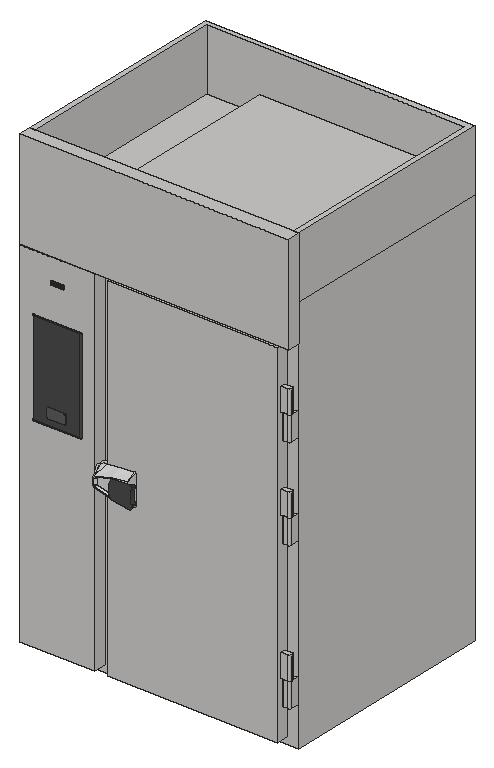
Revit family "QF_ZANUSSI_110554_ZBFA22DE", category Specialty Equipment, Revit 2018
Family settings
  Round Connector Dimension = Use Diameter
  Part Type = Normal
  Work Plane-Based = No
  Always vertical = Yes
  Cut with Voids When Loaded = No
  Shared = Yes
  Room Calculation Point = No
Parameters
  Weight = 0.00 kg
  Watts = 905.805 W
  Volts = 380 V
  URL Manufacturer = "http://www.zanussiprofessional.com"
  URL = "http://www.zanussiprofessional.com"
  Steam Supply Size = 0"
  Steam Supply Minimum Pressure = 0.00 psi
  Steam Supply Maximum Pressure = 0.00 psi
  Steam Pounds per Hour = 0
  Show Logo [instance] = yes
  Refrigeration Suction Line Size = 0"
  Refrigeration Liquid Line Size = 0"
  Refrigerant Compressor Remote = yes
  Phase = 3
  Model = "ZBFA22DE"
  Manufacturer = "Zanussi"
  Length Actual = 1400 mm  # constant formula
  Item Number = "110554"
  Hot Water Size = 1"
  Height Actual = 2470 mm  # constant formula
  HP = "13.1 HP"
  Gas Size = 0"
  Gas KW = 0
  Gas Input Pressure = 0.0 Btu/h
  Description = "RAPIDO BLAST CHILLER FREEZER 200/170KG 20 GN 2/1 - DISASSEMBLED"
  Depth Actual = 1266 mm  # constant formula
  Cycle = 50 Hz
  Condensate Return Size = 0"
  Compressed Air Volume = 0 GPM
  Compressed Air Size = 0"
  Compressed Air Pressure = 0.00 psi
  Cold Water Size = 1"
  Assembly Code = ""
  Show Clearance [instance] = yes
  Accessory = yes
Reference planes
  plane 1 "BACK": y = 1
  plane 2: z = 0
  plane 3 "LEFT": x = 0
  plane 4 "RIGHT": x = 1400
  plane 5 "FRONT": y = -1205
  plane 6 "TOP": z = 2400
  plane 7 "Center Y": x = 700
  plane 8: y = -2155
  plane 9: y = -602
Forms (mm)
  Extrusion 1, solid, material "QF_Clearance", visible <- "Show Clearance", detail levels coarse
    sketch origin (0, 0, -70) x (1, 0, 0) y (0, 1, 0)
      loop
        line (0, -1205) -> (0, 1) -> (1400, 1) -> (1400, -1205) -> (1500, -1205) -> (1500, 101) -> (-100, 101) -> (-100, -1205) -> (0, -1205)
    from 70 to 2670
  Extrusion 2, solid, material "QF_Finishes_Stainless Steel"
    sketch origin (349.253, 33, 630.991) x (-1, 0, 0) y (0, -1, 0)
      loop
        line (349.253, 1172.759) -> (349.253, 1238) -> (-39.747, 1238) -> (-39.747, 1172.759) -> (349.253, 1172.759)
    from -597 to 1254
  Extrusion 3, solid, material "QF_Finishes_Stainless Steel"
    sketch origin (596.16, 27.971, -70) x (1, 0, 0) y (0, 1, 0)
      loop
        line (743.84, -1172.971) -> (-141.16, -1172.971) -> (-141.16, -1232.971) -> (743.84, -1232.971) -> (743.84, -1172.971)
    from 103.991 to 1945.25
  Extrusion 4, solid, material "QF_Door-Drawer Clearances", visible <- "Show Clearance", detail levels coarse
    sketch origin (875, -72.029, -91.802) x (-1, 0, 0) y (0, -1, 0)
      loop
        line (-465, 2025.971) -> (-465, 1132.971) -> (420, 1132.971)
        arc (420, 1132.971) -> (153.836, 1754.227) -> (-465, 2025.971) r 920
    from 125.793 to 1967.052
  Extrusion 5, solid, material "QF_Finishes_Stainless Steel"
    sketch origin (0, -1139.759, 0) x (0, 1, 0) y (-1, 0, 0)
      loop
        line (1140.759, 0) -> (0.759, 0) -> (0.759, -1400) -> (1140.759, -1400) -> (1140.759, 0)
    from 0 to 2080
  Extrusion 6, solid, material "QF_Finishes_Stainless Steel"
    sketch origin (0, 0, -70) x (0, 1, 0) y (0, 0, 1)
      loop
        line (-1139, 2470) -> (-1205, 2470) -> (-1205, 1956) -> (-1139, 1956) -> (-1139, 2470)
    from 0 to 1400
  Extrusion 7, solid, material "QF_Finishes_Stainless Steel"
    sketch origin (0, -1139.759, 2080) x (0, 1, 0) y (-1, 0, 0)
      loop
        line (1140.759, 0) -> (0.759, 0) -> (0.759, -27.807) -> (1112.952, -27.807) -> (1112.952, -1372.193) -> (0.759, -1372.193) -> (0.759, -1400) -> (1140.759, -1400) -> (1140.759, 0)
    from 0 to 320
  Extrusion 8, solid, material "QF_Clearance", visible <- "Show Clearance", detail levels coarse
    sketch origin (0, 0, 2400) x (-1, 0, 0) y (0, -1, 0)
      loop
        line (0, 1205) -> (-1400, 1205) -> (-1400, -1) -> (0, -1) -> (0, 1205)
    from 0 to 200
  Extrusion 9, solid, material "QF_Finishes_Stainless Steel"
    sketch origin (-390.239, -0.977, 1172.559) x (1, 0, 0) y (0, 1, 0)
      loop
        line (1730.239, -1159.557) -> (1730.239, -1186.759) -> (1771.078, -1186.759)
        arc (1771.078, -1186.759) -> (1778.149, -1183.83) -> (1781.078, -1176.759) r 10
        line (1781.078, -1176.759) -> (1781.078, -1169.557)
        arc (1781.078, -1169.557) -> (1778.149, -1162.486) -> (1771.078, -1159.557) r 10
        line (1771.078, -1159.557) -> (1730.239, -1159.557)
    from 398 to 516
  Extrusion 10, solid, material "QF_Finishes_Stainless Steel"
    sketch origin (-388.989, -0.977, 1172.559) x (1, 0, 0) y (0, 1, 0)
      loop
        line (1779.828, -1138.023) -> (1738.215, -1138.023) -> (1738.215, -1176.759)
        arc (1738.215, -1176.759) -> (1741.143, -1183.83) -> (1748.215, -1186.759) r 10
        line (1748.215, -1186.759) -> (1769.828, -1186.759)
        arc (1769.828, -1186.759) -> (1776.899, -1183.83) -> (1779.828, -1176.759) r 10
        line (1779.828, -1176.759) -> (1779.828, -1138.023)
    from 269 to 396
  Extrusion 11, solid, material "QF_Finishes_Handrails and Railings"
    sketch origin (0, -1205, -139.705) x (-1, 0, 0) y (0, 0, 1)
      loop
        arc (-455, 1022.346) -> (-433.392, 1027.289) -> (-413, 1035.976) r 124.815
        arc (-413, 1035.976) -> (-402.037, 1046.425) -> (-398, 1061.023) r 28.412
        line (-398, 1061.023) -> (-398, 1124.287)
        arc (-398, 1124.287) -> (-402.037, 1138.885) -> (-413, 1149.334) r 28.412
        arc (-413, 1149.334) -> (-433.392, 1158.021) -> (-455, 1162.964) r 124.815
        line (-455, 1162.964) -> (-455, 1022.346)
    from 0 to 25
  Extrusion 12, solid, material "QF_Finishes_Stainless Steel"
    sketch origin (0, 1, -70) x (1, 0, 0) y (0, 0, 1)
      loop
        circle (50.191, 2279.706) r 10
    from -2 to 0
  Extrusion 13, solid
    sketch origin (0, 0, -70) x (1, 0, 0) y (0, 1, 0)
      loop
        circle (271, -895) r 12.7
    from 180 to 190
  Blend 14, solid, material "QF_Finishes_Handrails and Railings"
    base sketch origin (0, -1205, -139.705) x (1, 0, 0) y (0, 0, 1)
      loop
        arc (455, 1162.964) -> (433.392, 1158.021) -> (413, 1149.334) r 124.815
        arc (413, 1149.334) -> (402.037, 1138.885) -> (398, 1124.287) r 28.412
        line (398, 1124.287) -> (398, 1061.023)
        arc (398, 1061.023) -> (402.037, 1046.425) -> (413, 1035.976) r 28.412
        arc (413, 1035.976) -> (433.392, 1027.289) -> (455, 1022.346) r 124.815
        arc (455, 1022.346) -> (524.77, 1014.896) -> (594.859, 1011.587) r 1185.63
        arc (594.859, 1011.587) -> (600.607, 1013.879) -> (603, 1019.586) r 8
        line (603, 1019.586) -> (603, 1165.724)
        arc (603, 1165.724) -> (600.607, 1171.431) -> (594.859, 1173.723) r 8
        arc (594.859, 1173.723) -> (524.77, 1170.414) -> (455, 1162.964) r 1185.63
    top sketch origin (0, -1205, -139.705) x (1, 0, 0) y (0, 0, 1)
      loop
        line (421, 1108.337) -> (421, 1076.973)
        arc (421, 1076.973) -> (423.295, 1069.915) -> (429.302, 1065.557) r 12
        arc (429.302, 1065.557) -> (515.086, 1044.22) -> (603, 1034.974) r 636.459
        line (603, 1034.974) -> (603, 1150.336)
        arc (603, 1150.336) -> (515.086, 1141.09) -> (429.302, 1119.753) r 636.459
        arc (429.302, 1119.753) -> (423.295, 1115.395) -> (421, 1108.337) r 12
    from 0 to 50
  Blend 15, void
    base sketch origin (0, -1255, -139.705) x (-1, 0, 0) y (0, 0, 1)
      loop
        arc (-430.843, 1114.996) -> (-515.866, 1136.151) -> (-603, 1145.333) r 631.459
        line (-603, 1145.333) -> (-603, 1039.977)
        arc (-603, 1039.977) -> (-515.866, 1049.159) -> (-430.843, 1070.314) r 631.459
        arc (-430.843, 1070.314) -> (-427.339, 1072.856) -> (-426, 1076.973) r 7
        line (-426, 1076.973) -> (-426, 1108.337)
        arc (-426, 1108.337) -> (-427.339, 1112.454) -> (-430.843, 1114.996) r 7
    top sketch origin (0, -1255, -139.705) x (-1, 0, 0) y (0, 0, 1)
      loop
        arc (-432.384, 1110.24) -> (-516.647, 1131.211) -> (-603, 1140.33) r 626.459
        line (-603, 1140.33) -> (-603, 1044.98)
        arc (-603, 1044.98) -> (-516.647, 1054.099) -> (-432.384, 1075.07) r 626.459
        arc (-432.384, 1075.07) -> (-431.382, 1075.797) -> (-431, 1076.973) r 2
        line (-431, 1076.973) -> (-431, 1108.337)
        arc (-431, 1108.337) -> (-431.382, 1109.513) -> (-432.384, 1110.24) r 2
    from 0 to 10
  Blend 16, solid, material "QF_Finishes_Black"
    base sketch origin (0, -1245, -139.705) x (1, 0, 0) y (0, 0, 1)
      loop
        arc (628.567, 1043.419) -> (622.014, 1092.655) -> (628.567, 1141.89) r 188.232
        arc (628.567, 1141.89) -> (627.358, 1147.991) -> (621.77, 1150.721) r 7
        arc (621.77, 1150.721) -> (572.304, 1148.509) -> (523.16, 1142.458) r 636.459
        arc (523.16, 1142.458) -> (507.711, 1092.655) -> (523.16, 1042.852) r 88
        arc (523.16, 1042.852) -> (572.304, 1036.801) -> (621.77, 1034.589) r 636.459
        arc (621.77, 1034.589) -> (627.358, 1037.319) -> (628.567, 1043.419) r 7
    top sketch origin (0, -1245, -139.705) x (1, 0, 0) y (0, 0, 1)
      loop
        arc (626.748, 1050.703) -> (622.014, 1092.655) -> (626.748, 1134.607) r 188.232
        arc (626.748, 1134.607) -> (625.775, 1138.85) -> (621.845, 1140.722) r 5
        arc (621.845, 1140.722) -> (569.023, 1138.185) -> (516.603, 1131.203) r 626.459
        arc (516.603, 1131.203) -> (507.711, 1092.655) -> (516.603, 1054.107) r 88
        arc (516.603, 1054.107) -> (569.023, 1047.124) -> (621.845, 1044.588) r 626.459
        arc (621.845, 1044.588) -> (625.775, 1046.46) -> (626.748, 1050.703) r 5
    from 20 to 0
  Extrusion 17, solid, material "QF_Finishes_Stainless Steel"
    sketch origin (-390.239, -0.977, 692.559) x (1, 0, 0) y (0, 1, 0)
      loop
        line (1730.239, -1159.557) -> (1730.239, -1186.759) -> (1771.078, -1186.759)
        arc (1771.078, -1186.759) -> (1778.149, -1183.83) -> (1781.078, -1176.759) r 10
        line (1781.078, -1176.759) -> (1781.078, -1169.557)
        arc (1781.078, -1169.557) -> (1778.149, -1162.486) -> (1771.078, -1159.557) r 10
        line (1771.078, -1159.557) -> (1730.239, -1159.557)
    from 398 to 516
  Extrusion 18, solid, material "QF_Finishes_Stainless Steel"
    sketch origin (-388.989, -0.977, 692.559) x (1, 0, 0) y (0, 1, 0)
      loop
        line (1779.828, -1138.023) -> (1738.215, -1138.023) -> (1738.215, -1176.759)
        arc (1738.215, -1176.759) -> (1741.143, -1183.83) -> (1748.215, -1186.759) r 10
        line (1748.215, -1186.759) -> (1769.828, -1186.759)
        arc (1769.828, -1186.759) -> (1776.899, -1183.83) -> (1779.828, -1176.759) r 10
        line (1779.828, -1176.759) -> (1779.828, -1138.023)
    from 269 to 396
  Extrusion 19, solid, material "QF_Finishes_Stainless Steel"
    sketch origin (-390.239, -0.977, -67.441) x (1, 0, 0) y (0, 1, 0)
      loop
        line (1730.239, -1159.557) -> (1730.239, -1186.759) -> (1771.078, -1186.759)
        arc (1771.078, -1186.759) -> (1778.149, -1183.83) -> (1781.078, -1176.759) r 10
        line (1781.078, -1176.759) -> (1781.078, -1169.557)
        arc (1781.078, -1169.557) -> (1778.149, -1162.486) -> (1771.078, -1159.557) r 10
        line (1771.078, -1159.557) -> (1730.239, -1159.557)
    from 398 to 516
  Extrusion 20, solid, material "QF_Finishes_Stainless Steel"
    sketch origin (-388.989, -0.977, -67.441) x (1, 0, 0) y (0, 1, 0)
      loop
        line (1779.828, -1138.023) -> (1738.215, -1138.023) -> (1738.215, -1176.759)
        arc (1738.215, -1176.759) -> (1741.143, -1183.83) -> (1748.215, -1186.759) r 10
        line (1748.215, -1186.759) -> (1769.828, -1186.759)
        arc (1769.828, -1186.759) -> (1776.899, -1183.83) -> (1779.828, -1176.759) r 10
        line (1779.828, -1176.759) -> (1779.828, -1138.023)
    from 269 to 396
  Extrusion 21, solid, material "QF_Door-Drawer Clearances", visible <- "Show Clearance", detail levels coarse
    sketch origin (167.029, -1956.84, -70) x (0, 1, 0) y (-1, 0, 0)
      loop
        line (751.84, -1172.971) -> (-141.16, -1172.971) -> (-141.16, -1232.971) -> (751.84, -1232.971) -> (751.84, -1172.971)
    from 103.991 to 1945.25
  Extrusion 22, solid, material "QF_Door-Drawer Clearances", visible <- "Show Clearance", detail levels coarse
    sketch origin (1400, -2553, -139.705) x (0, -1, 0) y (0, 0, 1)
      loop
        arc (-455, 1022.346) -> (-433.392, 1027.289) -> (-413, 1035.976) r 124.815
        arc (-413, 1035.976) -> (-402.037, 1046.425) -> (-398, 1061.023) r 28.412
        line (-398, 1061.023) -> (-398, 1124.287)
        arc (-398, 1124.287) -> (-402.037, 1138.885) -> (-413, 1149.334) r 28.412
        arc (-413, 1149.334) -> (-433.392, 1158.021) -> (-455, 1162.964) r 124.815
        line (-455, 1162.964) -> (-455, 1022.346)
    from 0 to 25
  Blend 23, solid, material "QF_Door-Drawer Clearances", visible <- "Show Clearance", detail levels coarse
    base sketch origin (1400, -2553, -139.705) x (0, 1, 0) y (0, 0, 1)
      loop
        arc (455, 1162.964) -> (433.392, 1158.021) -> (413, 1149.334) r 124.815
        arc (413, 1149.334) -> (402.037, 1138.885) -> (398, 1124.287) r 28.412
        line (398, 1124.287) -> (398, 1061.023)
        arc (398, 1061.023) -> (402.037, 1046.425) -> (413, 1035.976) r 28.412
        arc (413, 1035.976) -> (433.392, 1027.289) -> (455, 1022.346) r 124.815
        arc (455, 1022.346) -> (524.77, 1014.896) -> (594.859, 1011.587) r 1185.63
        arc (594.859, 1011.587) -> (600.607, 1013.879) -> (603, 1019.586) r 8
        line (603, 1019.586) -> (603, 1165.724)
        arc (603, 1165.724) -> (600.607, 1171.431) -> (594.859, 1173.723) r 8
        arc (594.859, 1173.723) -> (524.77, 1170.414) -> (455, 1162.964) r 1185.63
    top sketch origin (1400, -2553, -139.705) x (0, 1, 0) y (0, 0, 1)
      loop
        line (421, 1108.337) -> (421, 1076.973)
        arc (421, 1076.973) -> (423.295, 1069.915) -> (429.302, 1065.557) r 12
        arc (429.302, 1065.557) -> (515.086, 1044.22) -> (603, 1034.974) r 636.459
        line (603, 1034.974) -> (603, 1150.336)
        arc (603, 1150.336) -> (515.086, 1141.09) -> (429.302, 1119.753) r 636.459
        arc (429.302, 1119.753) -> (423.295, 1115.395) -> (421, 1108.337) r 12
    from 0 to 50
  Blend 24, void
    base sketch origin (1450, -2553, -139.705) x (0, -1, 0) y (0, 0, 1)
      loop
        arc (-430.843, 1114.996) -> (-515.866, 1136.151) -> (-603, 1145.333) r 631.459
        line (-603, 1145.333) -> (-603, 1039.977)
        arc (-603, 1039.977) -> (-515.866, 1049.159) -> (-430.843, 1070.314) r 631.459
        arc (-430.843, 1070.314) -> (-427.339, 1072.856) -> (-426, 1076.973) r 7
        line (-426, 1076.973) -> (-426, 1108.337)
        arc (-426, 1108.337) -> (-427.339, 1112.454) -> (-430.843, 1114.996) r 7
    top sketch origin (1450, -2553, -139.705) x (0, -1, 0) y (0, 0, 1)
      loop
        arc (-432.384, 1110.24) -> (-516.647, 1131.211) -> (-603, 1140.33) r 626.459
        line (-603, 1140.33) -> (-603, 1044.98)
        arc (-603, 1044.98) -> (-516.647, 1054.099) -> (-432.384, 1075.07) r 626.459
        arc (-432.384, 1075.07) -> (-431.382, 1075.797) -> (-431, 1076.973) r 2
        line (-431, 1076.973) -> (-431, 1108.337)
        arc (-431, 1108.337) -> (-431.382, 1109.513) -> (-432.384, 1110.24) r 2
    from 0 to 10
  Blend 25, solid, material "QF_Door-Drawer Clearances", visible <- "Show Clearance", detail levels coarse
    base sketch origin (1440, -2553, -139.705) x (0, 1, 0) y (0, 0, 1)
      loop
        arc (628.567, 1043.419) -> (622.014, 1092.655) -> (628.567, 1141.89) r 188.232
        arc (628.567, 1141.89) -> (627.358, 1147.991) -> (621.77, 1150.721) r 7
        arc (621.77, 1150.721) -> (572.304, 1148.509) -> (523.16, 1142.458) r 636.459
        arc (523.16, 1142.458) -> (507.711, 1092.655) -> (523.16, 1042.852) r 88
        arc (523.16, 1042.852) -> (572.304, 1036.801) -> (621.77, 1034.589) r 636.459
        arc (621.77, 1034.589) -> (627.358, 1037.319) -> (628.567, 1043.419) r 7
    top sketch origin (1440, -2553, -139.705) x (0, 1, 0) y (0, 0, 1)
      loop
        arc (626.748, 1050.703) -> (622.014, 1092.655) -> (626.748, 1134.607) r 188.232
        arc (626.748, 1134.607) -> (625.775, 1138.85) -> (621.845, 1140.722) r 5
        arc (621.845, 1140.722) -> (569.023, 1138.185) -> (516.603, 1131.203) r 626.459
        arc (516.603, 1131.203) -> (507.711, 1092.655) -> (516.603, 1054.107) r 88
        arc (516.603, 1054.107) -> (569.023, 1047.124) -> (621.845, 1044.588) r 626.459
        arc (621.845, 1044.588) -> (625.775, 1046.46) -> (626.748, 1050.703) r 5
    from 20 to -1
  Extrusion 26, solid, material "QF_Finishes_Stainless Steel"
    sketch origin (0, -1139.759, 2080) x (0, 1, 0) y (-1, 0, 0)
      loop
        line (1028.497, -361.186) -> (882.552, -361.186) -> (882.552, -544.235) -> (1028.497, -544.235) -> (1028.497, -361.186)
    from 0 to 50
  Extrusion 27, solid, material "QF_Finishes_Stainless Steel"
    sketch origin (0, -1139.759, 2080) x (0, 1, 0) y (-1, 0, 0)
      loop
        line (1099.749, -314.157) -> (154.819, -314.157) -> (154.819, -1281.35) -> (1099.749, -1281.35) -> (1099.749, -314.157)
    from 0 to 100
  Extrusion 28, solid, material "QF_Finishes_Stainless Steel"
    sketch origin (544.235, -111.262, 2080) x (0, -1, 0) y (0, 0, -1)
      loop
        circle (122.974, -25) r 12.5
      loop
        circle (23.998, -25) r 12.5
    from 0 to 30
Cuts and joins
  Blend 15 cuts Blend 14
  joined: Extrusion 11, Blend 14
  Blend 15 cuts Extrusion 4
  Blend 24 cuts Blend 23
  Blend 24 cuts Blend 25
  joined: Extrusion 4, Extrusion 21, Extrusion 22, Blend 23, Blend 25
  joined: Extrusion 7, Extrusion 12
  joined: Extrusion 5, Extrusion 10, Extrusion 18, Extrusion 20, Extrusion 27
  joined: Extrusion 3, Extrusion 9, Extrusion 17, Extrusion 19
  joined: Extrusion 1, Extrusion 8
  joined: Extrusion 26, Extrusion 28
Lines and regions (mm)
  symbolic lines, style "QF-Clearances", visible <- "Show Clearance", detail levels coarse
    curve 1: line (-100, -1204.241, 70) -> (-100, 101, 70)
    curve 2: line (-100, 101, 70) -> (1500, 101, 70)
    curve 3: line (1500, 101, 70) -> (1500, -1204.241, 70)
  symbolic lines
    curve 4: line (0, 1, 70) -> (1400, 1, 70)
    curve 5: line (0, -1205, 70) -> (0, 1, 70)
    curve 6: line (1400, -1205, 70) -> (0, -1205, 70)
    curve 7: line (1400, 1, 70) -> (1400, -1205, 70)
    curve 8: line (27.807, -26.807, 70) -> (1372.193, -26.807, 70)
    curve 9: line (27.807, -1139, 70) -> (27.807, -26.807, 70)
    curve 10: line (1400, -1139, 70) -> (0, -1139, 70)
    curve 11: line (1372.193, -26.807, 70) -> (1372.193, -1139, 70)
    curve 12: line (75.5, -1210, 70) -> (313.5, -1210, 70)
    curve 13: line (75.5, -1210, 70) -> (67.5, -1205, 70)
    curve 14: line (313.5, -1210, 70) -> (321.5, -1205, 70)
    curve 15: line (421, -1255, 70) -> (398, -1205, 70)
    curve 16: line (421, -1255, 70) -> (603, -1255, 70)
    curve 17: line (603, -1255, 70) -> (603, -1205, 70)
    curve 18: line (603, -1245, 70) -> (626.748, -1245, 70)
    curve 19: line (626.748, -1245, 70) -> (628.811, -1265, 70)
    curve 20: line (628.811, -1265, 70) -> (507.711, -1265, 70)
    curve 21: line (507.711, -1265, 70) -> (507.711, -1255, 70)
    curve 35: line (314.157, -40.01, 70) -> (1281.35, -40.01, 70)
    curve 36: line (314.157, -984.941, 70) -> (314.157, -40.01, 70)
    curve 37: line (1281.35, -984.941, 70) -> (314.157, -984.941, 70)
    curve 38: line (1281.35, -40.01, 70) -> (1281.35, -984.941, 70)
  symbolic lines, style "QF_Door-Drawer Clearances", visible <- "Show Clearance"
    curve 22: line (1450, -2132, 70) -> (1400, -2155, 70)
    curve 23: line (1450, -2132, 70) -> (1450, -1950, 70)
    curve 24: line (1450, -1950, 70) -> (1400, -1950, 70)
    curve 25: line (1439, -1950, 70) -> (1439, -1926.126, 70)
    curve 26: line (1439, -1926.126, 70) -> (1460, -1924.189, 70)
    curve 27: line (1460, -1924.189, 70) -> (1460, -2045.289, 70)
    curve 28: line (1460, -2045.289, 70) -> (1450, -2045.289, 70)
    curve 29: line (1375, -2098, 70) -> (1375, -2155, 70)
    curve 30: line (1340, -2098, 70) -> (1400, -2098, 70)
    curve 31: arc (457.796, -1255, 70) -> (739.031, -1843.801, 70) -> (1340, -2098, 70) r 920
    curve 32: line (1400, -2155, 70) -> (1375, -2155, 70)
    curve 33: line (1400, -2098, 70) -> (1400, -1205, 70)
    curve 34: line (1340, -2098, 70) -> (1340, -1205, 70)
  symbolic lines, style "SpecialityEquipmentHiddenLines"
    curve 39: line (361.186, -111.262, 70) -> (544.235, -111.262, 70)
    curve 40: line (361.186, -257.207, 70) -> (361.186, -111.262, 70)
    curve 41: line (544.235, -257.207, 70) -> (361.186, -257.207, 70)
    curve 42: line (544.235, -111.262, 70) -> (544.235, -257.207, 70)
    curve 43: line (574.235, -147.761, 70) -> (574.235, -122.761, 70)
    curve 44: line (574.235, -122.761, 70) -> (544.235, -122.761, 70)
    curve 45: line (574.235, -147.761, 70) -> (544.235, -147.761, 70)
    curve 46: line (574.235, -246.737, 70) -> (544.235, -246.737, 70)
    curve 47: line (574.235, -221.737, 70) -> (544.235, -221.737, 70)
    curve 48: line (574.235, -221.737, 70) -> (574.235, -246.737, 70)
Dimensions and locks
  plane 5 "FRONT" to plane 1 "BACK" = 1206 mm
  plane 6 "TOP" to level = 2400 mm
  plane 4 "RIGHT" to plane 3 "LEFT" = 1400 mm
  plane 3 "LEFT" to plane 4 "RIGHT" = 1400 mm
  equal spacing: plane 3 "LEFT", plane 7 "Center Y", plane 4 "RIGHT"
  equal spacing: plane 1 "BACK", plane 9, plane 5 "FRONT"
  aligned and locked: level to plane 2
Automatic sketch dimensions
  plane 5 "FRONT" to Extrusion 1 sketch curve = 0 mm  (x2)
  Extrusion 1 sketch curve to plane 3 "LEFT" = 0 mm
  plane 1 "BACK" to Extrusion 1 sketch curve = 0 mm
  Extrusion 1 sketch curve to plane 4 "RIGHT" = 0 mm
  Extrusion 1 sketch curve to plane 3 "LEFT" = 100 mm
  plane 4 "RIGHT" to Extrusion 1 sketch curve = 100 mm
  Extrusion 1 sketch curve to plane 1 "BACK" = 100 mm
  plane 5 "FRONT" to Extrusion 2 sketch curve = 0 mm
  Extrusion 2 sketch curve to plane 3 "LEFT" = 0 mm
  Extrusion 2 sketch curve to plane 5 "FRONT" = 65.241 mm
  plane 5 "FRONT" to Extrusion 3 sketch curve = 0 mm
  Extrusion 3 sketch curve to plane 5 "FRONT" = 60 mm
  Extrusion 3 sketch curve to plane 4 "RIGHT" = 60 mm
  plane 5 "FRONT" to Extrusion 4 sketch curve = 0 mm
  Extrusion 4 sketch curve to plane 4 "RIGHT" = 25.377 mm
  Extrusion 4 sketch curve to Extrusion 4 sketch curve = 34.623 mm
  Extrusion 4 sketch curve to plane 5 "FRONT" = 26.348 mm
  Extrusion 5 sketch curve to plane 3 "LEFT" = 0 mm
  Extrusion 5 sketch curve to plane 4 "RIGHT" = 0 mm
  plane 1 "BACK" to Extrusion 5 sketch curve = 0 mm
  Extrusion 5 sketch curve to plane 5 "FRONT" = 66 mm
  Extrusion 6 sketch curve to plane 5 "FRONT" = 0 mm
  Extrusion 6 sketch curve to plane 5 "FRONT" = 66 mm
  Extrusion 6 sketch curve to plane 6 "TOP" = 514 mm
  plane 6 "TOP" to Extrusion 6 sketch curve = 0 mm
  Extrusion 5 to Extrusion 7 sketch curve = 0 mm
  Extrusion 7 sketch curve to Extrusion 5 = 0 mm  (x4)
  Extrusion 7 sketch curve to Extrusion 5 = 27.807 mm  (x3)
  Extrusion 8 sketch curve to plane 4 "RIGHT" = 0 mm
  plane 1 "BACK" to Extrusion 8 sketch curve = 0 mm
  Extrusion 8 sketch curve to plane 3 "LEFT" = 0 mm
  plane 5 "FRONT" to Extrusion 8 sketch curve = 0 mm
  Extrusion 9 sketch curve to plane 5 "FRONT" = 17.264 mm
  Extrusion 9 sketch curve to plane 4 "RIGHT" = 60 mm
  Extrusion 9 sketch curve to plane 4 "RIGHT" = 19.161 mm
  Extrusion 9 sketch curve to Extrusion 9 sketch curve = 0 mm
  Extrusion 9 sketch curve to plane 4 "RIGHT" = 9.161 mm
  Extrusion 9 sketch curve to Extrusion 9 sketch curve = 7.202 mm
  Extrusion 10 sketch curve to plane 5 "FRONT" = 27.264 mm
  Extrusion 10 sketch curve to plane 4 "RIGHT" = 50.775 mm
  Extrusion 10 sketch curve to Extrusion 10 sketch curve = 10 mm
  Extrusion 10 sketch curve to plane 4 "RIGHT" = 19.161 mm
  Extrusion 10 sketch curve to plane 4 "RIGHT" = 9.161 mm
  Extrusion 10 sketch curve to Extrusion 10 sketch curve = 38.736 mm
  plane 7 "Center Y" to Extrusion 11 sketch curve = 228.081 mm
  Extrusion 11 sketch curve to Extrusion 11 sketch curve = 0 mm
  Extrusion 11 sketch curve to Extrusion 11 sketch curve = 16.919 mm
  Extrusion 11 sketch curve to Extrusion 11 sketch curve = 28.588 mm  (x2)
  Extrusion 11 sketch curve to Extrusion 11 sketch curve = 28.412 mm
  level to Extrusion 11 sketch curve = 882.641 mm
  Extrusion 11 sketch curve to Extrusion 11 sketch curve = 16.954 mm  (x2)
  Extrusion 11 sketch curve to Extrusion 11 sketch curve = 38.676 mm
  Extrusion 11 sketch curve to Extrusion 11 sketch curve = 63.265 mm
  Extrusion 11 sketch curve to Extrusion 11 sketch curve = 21.722 mm
  plane 3 "LEFT" to Extrusion 12 sketch curve = 50.191 mm
  Extrusion 12 sketch curve to plane 6 "TOP" = 190.294 mm
  Extrusion 13 sketch curve to plane 9 = 293 mm
  Blend 14 sketch curve to Extrusion 11 = 0 mm  (x4)
  Blend 14 sketch curve to Extrusion 11 = 28.412 mm
  Blend 14 sketch curve to Blend 14 sketch curve = 123.081 mm  (x2)
  Blend 14 sketch curve to Blend 14 sketch curve = 8 mm
  Extrusion 11 to Blend 14 sketch curve = 160.712 mm  (x2)
  Blend 14 sketch curve to Blend 14 sketch curve = 19.715 mm  (x2)
  Blend 14 sketch curve to Blend 14 sketch curve = 38.676 mm
  Blend 14 sketch curve to Extrusion 11 = 23 mm
  Blend 14 sketch curve to Blend 14 sketch curve = 12 mm  (x2)
  Extrusion 11 to Blend 14 sketch curve = 148 mm
  Extrusion 11 to Blend 14 sketch curve = 170.45 mm  (x2)
  Blend 14 sketch curve to Blend 14 sketch curve = 520.701 mm  (x2)
  Blend 14 sketch curve to Blend 14 sketch curve = 41.999 mm
  Blend 14 sketch curve to Blend 14 sketch curve = 31.364 mm
  Blend 14 sketch curve to Blend 14 sketch curve = 115.362 mm
  Blend 14 to Blend 15 sketch curve = 0 mm  (x2)
  Blend 15 sketch curve to Blend 15 sketch curve = 7 mm
  Blend 15 sketch curve to Blend 15 sketch curve = 31.364 mm  (x2)
  Blend 15 sketch curve to Blend 15 sketch curve = 2 mm
  Blend 15 to Blend 16 sketch curve = 18.811 mm  (x2)
  Blend 16 sketch curve to Blend 15 = 7.289 mm  (x2)
  Blend 16 sketch curve to Blend 16 sketch curve = 188.435 mm
  Blend 16 sketch curve to Blend 16 sketch curve = 7 mm  (x2)
  Blend 16 sketch curve to Blend 16 sketch curve = 51.066 mm  (x2)
  Blend 16 sketch curve to Blend 16 sketch curve = 0 mm  (x6)
  Blend 16 sketch curve to Blend 15 = 79.84 mm
  Blend 15 to Blend 16 sketch curve = 18.874 mm  (x2)
  Blend 16 sketch curve to Blend 16 sketch curve = 188.371 mm
  Blend 16 sketch curve to Blend 16 sketch curve = 5 mm  (x2)
  Blend 16 sketch curve to Blend 16 sketch curve = 43.067 mm  (x2)
  Blend 16 sketch curve to Blend 15 = 85.603 mm
  Extrusion 17 sketch curve to plane 5 "FRONT" = 17.264 mm
  Extrusion 17 sketch curve to plane 4 "RIGHT" = 60 mm
  Extrusion 17 sketch curve to plane 4 "RIGHT" = 19.161 mm
  Extrusion 17 sketch curve to Extrusion 17 sketch curve = 0 mm
  Extrusion 17 sketch curve to plane 4 "RIGHT" = 9.161 mm
  Extrusion 17 sketch curve to Extrusion 17 sketch curve = 7.202 mm
  Extrusion 18 sketch curve to plane 5 "FRONT" = 27.264 mm
  Extrusion 18 sketch curve to plane 4 "RIGHT" = 50.775 mm
  Extrusion 18 sketch curve to Extrusion 18 sketch curve = 10 mm
  Extrusion 18 sketch curve to plane 4 "RIGHT" = 19.161 mm
  Extrusion 18 sketch curve to plane 4 "RIGHT" = 9.161 mm
  Extrusion 18 sketch curve to Extrusion 18 sketch curve = 38.736 mm
  Extrusion 19 sketch curve to plane 5 "FRONT" = 17.264 mm
  Extrusion 19 sketch curve to plane 4 "RIGHT" = 60 mm
  Extrusion 19 sketch curve to plane 4 "RIGHT" = 19.161 mm
  Extrusion 19 sketch curve to Extrusion 19 sketch curve = 0 mm
  Extrusion 19 sketch curve to plane 4 "RIGHT" = 9.161 mm
  Extrusion 19 sketch curve to Extrusion 19 sketch curve = 7.202 mm
  Extrusion 20 sketch curve to plane 5 "FRONT" = 27.264 mm
  Extrusion 20 sketch curve to plane 4 "RIGHT" = 50.775 mm
  Extrusion 20 sketch curve to Extrusion 20 sketch curve = 10 mm
  Extrusion 20 sketch curve to plane 4 "RIGHT" = 19.161 mm
  Extrusion 20 sketch curve to plane 4 "RIGHT" = 9.161 mm
  Extrusion 20 sketch curve to Extrusion 20 sketch curve = 38.736 mm
  Extrusion 21 sketch curve to plane 4 "RIGHT" = 0 mm
  plane 5 "FRONT" to Extrusion 21 sketch curve = 0 mm
  Extrusion 21 sketch curve to plane 8 = 57 mm
  Extrusion 21 sketch curve to plane 4 "RIGHT" = 60 mm
  Extrusion 22 sketch curve to plane 8 = 0 mm
  Extrusion 22 sketch curve to Extrusion 22 sketch curve = 28.412 mm  (x2)
  Extrusion 22 sketch curve to Extrusion 22 sketch curve = 28.588 mm
  Extrusion 22 sketch curve to Extrusion 22 sketch curve = 16.919 mm  (x2)
  level to Extrusion 22 sketch curve = 882.641 mm
  Extrusion 22 sketch curve to Extrusion 22 sketch curve = 16.954 mm  (x2)
  Extrusion 22 sketch curve to Extrusion 22 sketch curve = 38.676 mm
  Extrusion 22 sketch curve to Extrusion 22 sketch curve = 63.265 mm
  Extrusion 22 sketch curve to Extrusion 22 sketch curve = 21.722 mm
  Blend 23 sketch curve to Extrusion 22 = 0 mm  (x4)
  Blend 23 sketch curve to Extrusion 22 = 28.412 mm
  Blend 23 sketch curve to Blend 23 sketch curve = 123.081 mm  (x2)
  Blend 23 sketch curve to Blend 23 sketch curve = 8 mm
  Extrusion 22 to Blend 23 sketch curve = 160.712 mm  (x2)
  Blend 23 sketch curve to Blend 23 sketch curve = 19.715 mm  (x2)
  Blend 23 sketch curve to Blend 23 sketch curve = 38.676 mm
  Blend 23 sketch curve to Extrusion 22 = 23 mm
  Blend 23 sketch curve to Blend 23 sketch curve = 12 mm  (x2)
  Extrusion 22 to Blend 23 sketch curve = 148 mm
  Extrusion 22 to Blend 23 sketch curve = 170.45 mm  (x2)
  Blend 23 sketch curve to Blend 23 sketch curve = 520.701 mm  (x2)
  Blend 23 sketch curve to Blend 23 sketch curve = 41.999 mm
  Blend 23 sketch curve to Blend 23 sketch curve = 31.364 mm
  Blend 23 sketch curve to Blend 23 sketch curve = 115.362 mm
  Blend 24 sketch curve to Blend 23 = 0 mm  (x2)
  Blend 24 sketch curve to Blend 24 sketch curve = 7 mm
  Blend 24 sketch curve to Blend 24 sketch curve = 31.364 mm  (x2)
  Blend 24 sketch curve to Blend 24 sketch curve = 2 mm
  Blend 24 to Blend 25 sketch curve = 18.811 mm  (x2)
  Blend 25 sketch curve to Blend 24 = 7.289 mm  (x2)
  Blend 25 sketch curve to Blend 25 sketch curve = 188.435 mm
  Blend 25 sketch curve to Blend 25 sketch curve = 7 mm  (x2)
  Blend 25 sketch curve to Blend 25 sketch curve = 51.066 mm  (x2)
  Blend 25 sketch curve to Blend 25 sketch curve = 0 mm  (x6)
  Blend 25 sketch curve to Blend 24 = 79.84 mm
  Blend 24 to Blend 25 sketch curve = 18.874 mm  (x2)
  Blend 25 sketch curve to Blend 25 sketch curve = 188.371 mm
  Blend 25 sketch curve to Blend 25 sketch curve = 5 mm  (x2)
  Blend 25 sketch curve to Blend 25 sketch curve = 43.067 mm  (x2)
  Blend 25 sketch curve to Blend 24 = 85.603 mm
  plane 7 "Center Y" to Extrusion 2 sketch curve = 311 mm
  plane 7 "Center Y" to Extrusion 3 sketch curve = 245 mm
  plane 7 "Center Y" to Extrusion 4 sketch curve = 245 mm
  plane 3 "LEFT" to Extrusion 13 sketch curve = 271 mm
  Extrusion 27 sketch curve to Extrusion 5 = 154.059 mm
  Extrusion 27 sketch curve to Extrusion 5 = 41.01 mm
  Extrusion 27 sketch curve to Extrusion 5 = 118.65 mm
  Extrusion 27 sketch curve to Extrusion 5 = 314.157 mm
  Extrusion 26 sketch curve to Extrusion 5 = 258.207 mm
  Extrusion 26 sketch curve to Extrusion 5 = 112.262 mm
  Extrusion 26 sketch curve to Extrusion 5 = 544.235 mm
  Extrusion 26 sketch curve to Extrusion 26 sketch curve = 183.049 mm
  Extrusion 28 sketch curve to Extrusion 26 = 23.998 mm
  Extrusion 28 sketch curve to Extrusion 26 = 22.971 mm
  Extrusion 26 to Extrusion 28 sketch curve = 25 mm  (x2)
  plane 8 to curve 29 = 0 mm
  curve 33 to plane 4 "RIGHT" = 0 mm
  plane 5 "FRONT" to curve 15 = 0 mm
  curve 10 to plane 3 "LEFT" = 0 mm
  plane 1 "BACK" to curve 7 = 0 mm
  curve 22 to plane 4 "RIGHT" = 0 mm
  curve 22 to plane 8 = 23 mm
  curve 22 to curve 33 = 57 mm
  curve 30 to curve 28 = 52.711 mm
  curve 28 to curve 24 = 95.289 mm
  plane 4 "RIGHT" to curve 26 = 39 mm
  curve 25 to curve 26 = 23.874 mm
  curve 25 to curve 27 = 1.937 mm
  plane 5 "FRONT" to curve 19 = 60 mm
  plane 5 "FRONT" to curve 15 = 50 mm
  curve 19 to curve 18 = 20 mm
  plane 5 "FRONT" to curve 12 = 5 mm
  curve 31 to plane 5 "FRONT" = 26.348 mm
  curve 31 to curve 37 = 193.711 mm
  plane 1 "BACK" to curve 41 = 258.207 mm
  curve 41 to curve 43 = 109.446 mm
  curve 43 to curve 43 = 25 mm
  plane 1 "BACK" to curve 39 = 112.262 mm
  plane 1 "BACK" to curve 36 = 41.01 mm
  plane 1 "BACK" to curve 8 = 27.807 mm
  curve 2 to plane 1 "BACK" = 100 mm
  curve 24 to curve 25 = 11 mm
  curve 26 to curve 25 = 21 mm
  plane 4 "RIGHT" to curve 2 = 100 mm
  curve 22 to curve 29 = 25 mm
  curve 31 to plane 4 "RIGHT" = 25.377 mm
  curve 8 to plane 4 "RIGHT" = 27.807 mm
  curve 29 to curve 30 = 35 mm
  curve 38 to plane 4 "RIGHT" = 118.65 mm
  plane 7 "Center Y" to curve 19 = 71.189 mm
  curve 19 to curve 18 = 2.062 mm
  curve 18 to curve 17 = 23.748 mm
  plane 7 "Center Y" to curve 43 = 125.765 mm
  curve 43 to curve 41 = 30 mm
  curve 21 to curve 31 = 49.915 mm
  curve 31 to curve 16 = 36.796 mm
  curve 41 to curve 40 = 183.049 mm
  curve 15 to curve 37 = 106.843 mm
  curve 15 to curve 14 = 107.5 mm
  plane 3 "LEFT" to curve 12 = 75.5 mm
  plane 3 "LEFT" to curve 8 = 27.807 mm
  curve 1 to plane 3 "LEFT" = 100 mm
  curve 3 to plane 5 "FRONT" = 0.759 mm
  curve 1 to plane 5 "FRONT" = 0.759 mm
  curve 9 to plane 5 "FRONT" = 66 mm
  curve 41 to curve 46 = 10.471 mm
  curve 46 to curve 48 = 25 mm
  curve 46 to curve 46 = 30 mm
  curve 15 to curve 15 = 23 mm
  curve 14 to curve 12 = 8 mm
  curve 12 to curve 13 = 8 mm
  radius of Extrusion 12 sketch curve = 10 mm
  radius of Extrusion 13 sketch curve = 12.7 mm
  radius of Blend 14 sketch curve to Extrusion 11 = 0 mm  (x3)
  radius of Blend 15 sketch curve to Blend 14 = 5 mm  (x3)
  radius of Blend 15 sketch curve to Blend 14 = 10 mm  (x3)
  radius of Blend 15 to Blend 16 sketch curve = 10 mm  (x2)
  radius of Blend 16 sketch curve to Blend 15 = 0 mm  (x2)
  radius of Blend 23 sketch curve to Extrusion 22 = 0 mm  (x3)
  radius of Blend 24 sketch curve to Blend 23 = 5 mm  (x3)
  radius of Blend 24 sketch curve to Blend 23 = 10 mm  (x3)
  radius of Blend 24 to Blend 25 sketch curve = 10 mm  (x2)
  radius of Blend 25 sketch curve to Blend 24 = 0 mm  (x2)
  radius of Extrusion 28 sketch curve = 12.5 mm  (x2)
Nested families
  nested 1: "ZAN_Touch" at (194.5, -1205, 1338.103) x (1, 0, 0) z (0, -1, 0), type "ZAN_Touch"
  nested 2: "ZAN_Logo_XS" at (194.5, -1205, 1764.991) x (1, 0, 0) z (0, -1, 0), visible <- "Show Logo", type "ZAN_Logo_XS"
Connectors
  piping at (271, -895, 110), diameter 25.4
    settings: on Extrusion 13, index 5, connector inside diameter 24", connector length 0 mm, flow factor 0, pipe flow 0 GPM, pressure drop 0.00 psi, fitting loss kfactor 0, connector angle 0.00°, fixture units 0, engagement length 0 mm, angle of deflection 0.00°, flow configuration 1, flow direction 2, fitting loss method 0, system type 16, joint type 0, gender type 0, connector reference index -1, connector utility 0, adjustable connector no, is connector primary yes, connector description "Drain"
  electrical at (50.191, 3, 2209.706), driven by "Volts"
    settings: on Extrusion 12, index 6, voltage 380 V, apparent load 0 VA, apparent load phase1 0 VA, apparent load phase2 0 VA, apparent load phase3 0 VA, power factor 1, load classification "Altro", number of poles 1, system type 30, power factor state 1, is connector primary yes, connector utility no, sub classification motor no, connector description "Electrical Connection"
  piping at (574.235, -234.237, 2105), diameter 25
    settings: on cut or joined group of Extrusion 26, Extrusion 28, index 7, connector inside diameter 24", connector length 0 mm, flow factor 0, pipe flow 0 GPM, pressure drop 0.00 psi, fitting loss kfactor 0, connector angle 0.00°, fixture units 0, engagement length 0 mm, angle of deflection 0.00°, flow configuration 1, flow direction 1, fitting loss method 0, system type 7, joint type 0, gender type 0, connector reference index -1, connector utility 0, adjustable connector no, is connector primary no, connector description "Water Inlet Cooling"
  piping at (574.235, -135.261, 2105), diameter 25
    settings: on cut or joined group of Extrusion 26, Extrusion 28, index 8, connector inside diameter 24", connector length 0 mm, flow factor 0, pipe flow 0 GPM, pressure drop 0.00 psi, fitting loss kfactor 0, connector angle 0.00°, fixture units 0, engagement length 0 mm, angle of deflection 0.00°, flow configuration 1, flow direction 1, fitting loss method 0, system type 8, joint type 0, gender type 0, connector reference index -1, connector utility 0, adjustable connector no, is connector primary no, connector description "Water Outlet Cooling"
Definition of nested family "ZAN_Touch"
  Parameters
    Default Elevation = 1219.2 mm
  Reference planes
    plane 1 "Centro (Fronte/Retro)": y = 0
    plane 2: z = 0
    plane 3 "Centro (Sinistra/Destra)": x = 0
  Forms (mm)
    Extrusion 1, solid
      sketch origin (0, 0, 0) x (1, 0, 0) y (0, 1, 0)
        loop
          line (-1219.2, 1219.2) -> (-1219.2, -1219.2) -> (1219.2, -1219.2) -> (1219.2, 1219.2) -> (-1219.2, 1219.2)
      from 0 to -304.8
    Extrusion 2, solid
      sketch origin (0, 0, 5) x (1, 0, 0) y (0, 1, 0)
        loop
          line (-47, -160) -> (-47, -202)
          arc (-47, -202) -> (-45.536, -205.535) -> (-42, -207) r 5
          line (-42, -207) -> (42, -207)
          arc (42, -207) -> (45.536, -205.535) -> (47, -202) r 5
          line (47, -202) -> (47, -160)
          arc (47, -160) -> (45.536, -156.465) -> (42, -155) r 5
          line (42, -155) -> (-42, -155)
          arc (-42, -155) -> (-45.536, -156.465) -> (-47, -160) r 5
      from 0 to 2
    Blend 3, solid
      base sketch origin (0, 0, 0) x (1, 0, 0) y (0, 1, 0)
        loop
          line (-127, 244) -> (-127, -244)
          arc (-127, -244) -> (-125.536, -247.536) -> (-122, -249) r 5
          line (-122, -249) -> (122, -249)
          arc (122, -249) -> (125.536, -247.536) -> (127, -244) r 5
          line (127, -244) -> (127, 244)
          arc (127, 244) -> (125.536, 247.536) -> (122, 249) r 5
          line (122, 249) -> (-122, 249)
          arc (-122, 249) -> (-125.536, 247.536) -> (-127, 244) r 5
      top sketch origin (0, 0, 0) x (1, 0, 0) y (0, 1, 0)
        loop
          line (-119, -241) -> (119, -241) -> (119, 241) -> (-119, 241) -> (-119, -241)
      from 0 to 5
  Lines and regions (mm)
    Split face 1
      outline origin (0, 0, 5) x (1, 0, 0) y (0, 1, 0)
        loop
          line (-70.506, 46.167) -> (70.506, 46.167) -> (70.506, 214.829) -> (-70.506, 214.829) -> (-70.506, 46.167)
    Split face 2
      outline origin (0, 0, 5) x (1, 0, 0) y (0, 1, 0)
        loop
          line (-47.467, 50.825) -> (47.467, 50.825) -> (47.467, 210.171) -> (-47.467, 210.171) -> (-47.467, 50.825)
    Split face 3
      outline origin (0, 0, 5) x (1, 0, 0) y (0, 1, 0)
        loop
          line (116.89, 241) -> (114.093, 80.78)
          arc (114.093, 80.78) -> (111.629, 50.696) -> (105.329, 21.176) r 235
          arc (105.329, 21.176) -> (102.404, 0) -> (105.329, -21.176) r 78.117
          arc (105.329, -21.176) -> (111.629, -50.696) -> (114.093, -80.78) r 235
          line (114.093, -80.78) -> (116.89, -241)
  Dimensions and locks
    aligned and locked: plane 2 to Extrusion 1
    aligned and locked: level to Extrusion 1
Definition of nested family "ZAN_Logo_XS"
  Parameters
    Default Elevation = 0 mm
    M [instance] = none
  Reference planes
    plane 1 "Centro (Fronte/Retro)": y = 0
    plane 2: z = 0
    plane 3 "Centro (Sinistra/Destra)": x = 0
  Forms (mm)
    Extrusion 1, solid
      sketch origin (0, 0, 0) x (1, 0, 0) y (0, 1, 0)
        loop
          line (-1219.2, 1219.2) -> (-1219.2, -1219.2) -> (1219.2, -1219.2) -> (1219.2, 1219.2) -> (-1219.2, 1219.2)
      from 0 to -304.8
    Extrusion 2, solid, material <- "M"
      sketch origin (17.793, -46.218, 0) x (-1, 0, 0) y (0, -1, 0)
        loop
          spline (1.911, -54.793) -> (2.402, -54.973) -> (2.91, -55.105) -> (3.43, -55.191) -> (3.955, -55.229) -> (4.482, -55.219) -> (5.006, -55.161) -> (5.521, -55.054) -> (6.022, -54.898) -> (6.506, -54.693) -> (6.966, -54.438) -> (7.398, -54.133) -> (7.797, -53.778)
          spline (7.797, -53.778) -> (8.033, -53.407) -> (8.237, -53.008) -> (8.407, -52.586) -> (8.544, -52.147) -> (8.65, -51.697) -> (8.723, -51.241) -> (8.764, -50.785) -> (8.774, -50.335) -> (8.753, -49.897) -> (8.701, -49.475) -> (8.619, -49.075) -> (8.507, -48.704)
          line (8.507, -48.704) -> (6.883, -46.37) -> (5.158, -44.848) -> (3.027, -42.716)
          spline (3.027, -42.716) -> (3.002, -42.56) -> (2.979, -42.398) -> (2.962, -42.23) -> (2.952, -42.059) -> (2.951, -41.886) -> (2.963, -41.714) -> (2.99, -41.545) -> (3.034, -41.378) -> (3.098, -41.218) -> (3.184, -41.065) -> (3.295, -40.921) -> (3.433, -40.788)
          line (3.433, -40.788) -> (4.752, -40.687)
          spline (4.752, -40.687) -> (4.999, -40.855) -> (5.185, -41.053) -> (5.32, -41.275) -> (5.41, -41.518) -> (5.463, -41.775) -> (5.488, -42.044) -> (5.491, -42.319) -> (5.481, -42.596) -> (5.466, -42.87) -> (5.452, -43.137) -> (5.448, -43.392) -> (5.462, -43.63)
          line (5.462, -43.63) -> (9.014, -43.63)
          spline (9.014, -43.63) -> (9.056, -43.199) -> (9.08, -42.769) -> (9.084, -42.342) -> (9.067, -41.92) -> (9.027, -41.503) -> (8.964, -41.093) -> (8.875, -40.691) -> (8.759, -40.3) -> (8.615, -39.919) -> (8.441, -39.552) -> (8.237, -39.198) -> (7.999, -38.86)
          spline (7.999, -38.86) -> (7.708, -38.596) -> (7.394, -38.361) -> (7.059, -38.155) -> (6.707, -37.977) -> (6.338, -37.828) -> (5.957, -37.706) -> (5.565, -37.612) -> (5.165, -37.545) -> (4.76, -37.504) -> (4.351, -37.491) -> (3.942, -37.503) -> (3.534, -37.541)
          spline (3.534, -37.541) -> (3.104, -37.608) -> (2.677, -37.709) -> (2.258, -37.842) -> (1.85, -38.007) -> (1.459, -38.203) -> (1.086, -38.429) -> (0.737, -38.685) -> (0.415, -38.969) -> (0.123, -39.282) -> (-0.133, -39.622) -> (-0.35, -39.989) -> (-0.525, -40.383)
          spline (-0.525, -40.383) -> (-0.633, -40.866) -> (-0.704, -41.352) -> (-0.738, -41.837) -> (-0.736, -42.318) -> (-0.698, -42.794) -> (-0.627, -43.262) -> (-0.521, -43.719) -> (-0.382, -44.164) -> (-0.211, -44.592) -> (-0.008, -45.003) -> (0.226, -45.394) -> (0.49, -45.761)
          line (0.49, -45.761) -> (4.549, -49.414) -> (5.056, -50.023) -> (5.259, -51.647) -> (4.042, -52.256) -> (3.027, -51.546) -> (2.925, -49.414) -> (-0.424, -49.414) -> (-0.22, -52.865)
          spline (-0.22, -52.865) -> (-0.13, -53.068) -> (-0.013, -53.268) -> (0.127, -53.466) -> (0.287, -53.658) -> (0.464, -53.843) -> (0.655, -54.019) -> (0.856, -54.185) -> (1.065, -54.338) -> (1.278, -54.478) -> (1.492, -54.601) -> (1.704, -54.707) -> (1.911, -54.793)
        loop
          spline (-10.267, -52.966) -> (-9.987, -53.421) -> (-9.658, -53.822) -> (-9.284, -54.17) -> (-8.873, -54.466) -> (-8.429, -54.711) -> (-7.959, -54.907) -> (-7.467, -55.054) -> (-6.96, -55.154) -> (-6.443, -55.207) -> (-5.922, -55.214) -> (-5.402, -55.178) -> (-4.889, -55.098)
          spline (-4.889, -55.098) -> (-4.532, -55.03) -> (-4.176, -54.93) -> (-3.825, -54.799) -> (-3.483, -54.639) -> (-3.156, -54.45) -> (-2.847, -54.235) -> (-2.561, -53.994) -> (-2.303, -53.729) -> (-2.077, -53.442) -> (-1.889, -53.134) -> (-1.742, -52.805) -> (-1.641, -52.459)
          spline (-1.641, -52.459) -> (-1.485, -51.997) -> (-1.371, -51.525) -> (-1.299, -51.049) -> (-1.269, -50.572) -> (-1.282, -50.098) -> (-1.337, -49.63) -> (-1.434, -49.173) -> (-1.574, -48.73) -> (-1.756, -48.306) -> (-1.98, -47.904) -> (-2.246, -47.528) -> (-2.555, -47.182)
          line (-2.555, -47.182) -> (-6.31, -43.833) -> (-7.121, -42.615)
          spline (-7.121, -42.615) -> (-7.146, -42.461) -> (-7.169, -42.304) -> (-7.188, -42.144) -> (-7.2, -41.984) -> (-7.204, -41.823) -> (-7.198, -41.664) -> (-7.178, -41.506) -> (-7.144, -41.352) -> (-7.093, -41.202) -> (-7.023, -41.058) -> (-6.932, -40.919) -> (-6.817, -40.788)
          line (-6.817, -40.788) -> (-5.802, -40.585)
          spline (-5.802, -40.585) -> (-5.443, -40.671) -> (-5.17, -40.818) -> (-4.971, -41.02) -> (-4.836, -41.266) -> (-4.753, -41.547) -> (-4.711, -41.854) -> (-4.699, -42.178) -> (-4.705, -42.51) -> (-4.718, -42.84) -> (-4.726, -43.16) -> (-4.719, -43.46) -> (-4.686, -43.731)
          line (-4.686, -43.731) -> (-1.134, -43.63)
          spline (-1.134, -43.63) -> (-1.09, -43.193) -> (-1.063, -42.747) -> (-1.055, -42.296) -> (-1.07, -41.845) -> (-1.112, -41.396) -> (-1.185, -40.953) -> (-1.291, -40.522) -> (-1.435, -40.104) -> (-1.619, -39.705) -> (-1.848, -39.329) -> (-2.125, -38.978) -> (-2.453, -38.657)
          spline (-2.453, -38.657) -> (-2.873, -38.351) -> (-3.319, -38.09) -> (-3.785, -37.876) -> (-4.269, -37.706) -> (-4.765, -37.582) -> (-5.269, -37.503) -> (-5.778, -37.468) -> (-6.287, -37.477) -> (-6.792, -37.53) -> (-7.288, -37.626) -> (-7.771, -37.765) -> (-8.238, -37.947)
          spline (-8.238, -37.947) -> (-8.443, -38.033) -> (-8.65, -38.14) -> (-8.858, -38.264) -> (-9.065, -38.405) -> (-9.269, -38.562) -> (-9.468, -38.733) -> (-9.661, -38.917) -> (-9.846, -39.112) -> (-10.022, -39.317) -> (-10.185, -39.53) -> (-10.335, -39.751) -> (-10.47, -39.977)
          spline (-10.47, -39.977) -> (-10.65, -40.464) -> (-10.783, -40.962) -> (-10.87, -41.467) -> (-10.91, -41.976) -> (-10.904, -42.487) -> (-10.851, -42.996) -> (-10.752, -43.501) -> (-10.606, -43.998) -> (-10.413, -44.486) -> (-10.174, -44.961) -> (-9.889, -45.421) -> (-9.557, -45.863)
          line (-9.557, -45.863) -> (-5.295, -49.719) -> (-4.787, -51.038) -> (-5.193, -52.053) -> (-6.107, -52.256) -> (-7.121, -51.546) -> (-7.223, -49.516) -> (-10.673, -49.414)
          spline (-10.673, -49.414) -> (-10.656, -49.721) -> (-10.65, -50.03) -> (-10.653, -50.341) -> (-10.658, -50.651) -> (-10.662, -50.96) -> (-10.661, -51.267) -> (-10.648, -51.569) -> (-10.621, -51.865) -> (-10.573, -52.154) -> (-10.502, -52.435) -> (-10.401, -52.706) -> (-10.267, -52.966)
        loop
          line (-11.282, -37.541) -> (-14.834, -37.541) -> (-14.834, -54.894) -> (-11.282, -54.894) -> (-11.282, -37.541)
        loop
          line (15.205, -41.702) -> (15.205, -54.894) -> (18.757, -54.894) -> (18.757, -43.224) -> (18.554, -40.383)
          arc (18.554, -40.383) -> (17.093, -38.328) -> (14.698, -37.541) r 4.037
          line (14.698, -37.541) -> (13.074, -37.541) -> (12.262, -37.744)
          arc (12.262, -37.744) -> (10.306, -39.004) -> (9.522, -41.194) r 3.619
          line (9.522, -41.194) -> (9.522, -54.894) -> (13.074, -54.894) -> (13.074, -42.006) -> (13.479, -41.093) -> (14.596, -40.991) -> (15.205, -41.702)
        loop
          line (19.569, -54.894) -> (22.816, -54.894) -> (22.816, -43.833) -> (25.759, -54.894) -> (29.514, -54.894) -> (29.514, -37.541) -> (26.368, -37.541) -> (26.368, -49.008) -> (23.425, -37.541) -> (19.569, -37.541) -> (19.569, -54.894)
        loop
          line (41.184, -54.894) -> (50.013, -54.894) -> (50.013, -51.647) -> (45.345, -51.749) -> (50.419, -41.093) -> (50.419, -37.541) -> (41.184, -37.541) -> (41.184, -41.093) -> (46.511, -41.093) -> (41.184, -51.952) -> (41.184, -54.894)
        loop
          line (32.964, -54.894) -> (37.835, -54.894) -> (40.981, -37.541) -> (37.328, -37.541) -> (36.821, -40.89) -> (33.878, -40.89) -> (33.37, -37.541) -> (29.717, -37.541) -> (32.964, -54.894)
        loop
          line (36.415, -44.036) -> (34.385, -44.036) -> (35.4, -51.928) -> (36.415, -44.036)
      from 0 to 1.644
  Dimensions and locks
    aligned and locked: plane 2 to Extrusion 1
    aligned and locked: level to Extrusion 1
